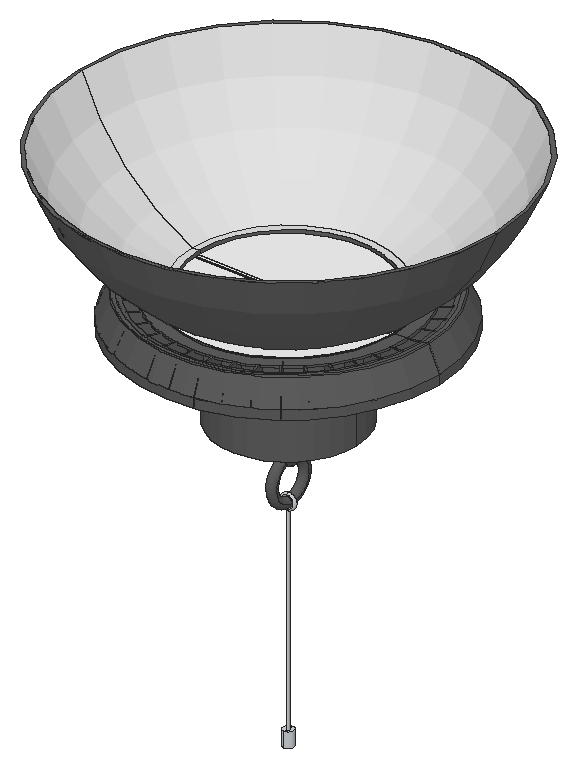
Revit family "0039351+0039357 Feilo Sylvania Lighting Fixture START HIGHBAY 6K 19KLM WIDE with ALU SHADE BLACK COLOR FOR 13_19KLM", category Lighting Fixtures, host Face, Revit 2017
Family settings
  Host = Face
  Round Connector Dimension = Use Diameter
  Part Type = Normal
  OmniClass Number = 23.80.70.00
  OmniClass Title = Lighting
  Cut with Voids When Loaded = No
  Light Source = Yes
  Shared = No
  Room Calculation Point = No
Parameters (values of type "0039351+0039357 START HIGHBAY 6K 19KLM WIDE ALU SHADE BLACK COLOR FOR 13/19KLM")
  WidthStraight_FEILO = if(SizeS_FEILO, 3 mm, if(SizeM_FEILO, 4 mm, 4.7 mm))  # 4 mm
  WidthRingChamfer_FEILO = if(SizeS_FEILO, 10.3 mm, if(SizeM_FEILO, 11.2 mm, 12.9 mm))  # 11.2 mm
  WidthCurved_FEILO = if(SizeS_FEILO, 17.4 mm, if(SizeM_FEILO, 16.4 mm, 26.2 mm))  # 16.4 mm
  WidthCurvedRing_FEILO = if(SizeS_FEILO, 3 mm, if(SizeM_FEILO, 4 mm, 4.7 mm))  # 4 mm
  WidthBracket_FEILO = 40 mm
  Weight = "3.4 kg"
  Wattage Comments = ""
  Wattage = 150 W
  WarrantyStartDate [instance] = "n/a"
  WarrantyGuarantorParts = "n/a"
  WarrantyDurationUnit = "n/a"
  WarrantyDurationParts = "n/a"
  WarrantyDescription = "n/a"
  built-in parameter 1150110 = 1 (stored number, unit not read)
  Voltage = 230 V
  VisibilityBracket_FEILO = no
  URL = "http://www.sylvania-lighting.com"
  TypeName = "START HIGHBAY 6K 19KLM WIDE ALU SHADE BLACK COLOR FOR 13/19KLM"
  Type Image = <None>
  Type Comments = "n/a"
  built-in parameter 1114217 = 1 (stored number, unit not read)
  Tilt Angle = -90.00°
  ThicknessWall_FEILO = 1.5 mm
  ThicknessBracket_FEILO = 1.5 mm
  ThicknessBracketHalf_FEILO = ThicknessBracket_FEILO / 2  # 0.75 mm
  built-in parameter 1150109 = 1 (stored number, unit not read)
  built-in parameter 1150134 = 1
  SuspensionHeight_FEILO [instance] = 400 mm
  built-in parameter 1150113 = 1 (stored number, unit not read)
  SizeS_FEILO = no
  SizeM_FEILO = yes
  ShadeThickness_FEILO = 3 mm
  ShadeSizeSM_FEILO = or(SizeS_FEILO, SizeM_FEILO)  # yes
  ShadeRadiusOut_FEILO = 205 mm
  ShadeRadiusIn_FEILO = if(ShadeSizeSM_FEILO, 95 mm, 121 mm)  # 95 mm
  ShadeRadiusBend_FEILO = if(ShadeSizeSM_FEILO, 210 mm, 210 mm)  # 210 mm
  ShadeHeight_FEILO = if(ShadeSizeSM_FEILO, 120 mm, 151 mm)  # 120 mm
  SerialNumber [instance] = "n/a"
  Rib4_FEILO = if(SizeS_FEILO, 18.1 mm, if(SizeM_FEILO, 13.6 mm, 14.6 mm))  # 13.6 mm
  Rib3_FEILO = if(SizeS_FEILO, 15.3 mm, if(SizeM_FEILO, 17.6 mm, 20.2 mm))  # 17.6 mm
  Rib2_FEILO = if(SizeS_FEILO, 3.6 mm, if(SizeM_FEILO, 3.9 mm, 4.5 mm))  # 3.9 mm
  Rib1_FEILO = if(SizeS_FEILO, 15.1 mm, if(SizeM_FEILO, 16.5 mm, 19 mm))  # 16.5 mm
  RadiusDiffuser_FEILO = if(SizeS_FEILO, 95.2 mm, if(SizeM_FEILO, 105.3 mm, 120 mm))  # 105.3 mm
  RadiusArrayPost_FEILO = DriverRadius_FEILO - 6 mm  # 61.2 mm
  RHRadius3_FEILO = if(SizeS_FEILO, 6.6 mm, if(SizeM_FEILO, 7.4 mm, 8.6 mm))  # 7.4 mm
  RHRadius2_FEILO = if(SizeS_FEILO, 11 mm, if(SizeM_FEILO, 12 mm, 14 mm))  # 12 mm
  RHRadius1_FEILO = if(SizeS_FEILO, 13.6 mm, if(SizeM_FEILO, 14.9 mm, 17.7 mm))  # 14.9 mm
  RHHeight4_FEILO = if(SizeS_FEILO, 7.3 mm, if(SizeM_FEILO, 8 mm, 9.2 mm))  # 8 mm
  RHHeight3_FEILO = if(SizeS_FEILO, 3.6 mm, if(SizeM_FEILO, 3.7 mm, 4.6 mm))  # 3.7 mm
  RHHeight2_FEILO = if(SizeS_FEILO, 2 mm, if(SizeM_FEILO, 2.2 mm, 2.6 mm))  # 2.2 mm
  RHHeight1_FEILO = if(SizeS_FEILO, 11.8 mm, if(SizeM_FEILO, 15.3 mm, 17.4 mm))  # 15.3 mm
  Photometric Web File = "0039351+0039357.ies"
  Material_5_FEILO = Shade-Sylvania-StartHighbay-Alu
  Material_3_FEILO = LED-Sylvania-StartHighbay-Glow
  PowerFactor = 0.95
  PowerConsumption = "150 W"
  NominalLength = 296 mm
  NominalHeight = 177 mm
  NominalDepth = 296 mm
  Name = "START HIGHBAY 6K 19KLM WIDE ALU SHADE BLACK COLOR FOR 13/19KLM"
  ModelReference = Name  # "START HIGHBAY 6K 19KLM WIDE ALU SHADE BLACK COLOR FOR 13/19KLM"
  ModelNumber = "0039351+0039357"
  Model = Name  # "START HIGHBAY 6K 19KLM WIDE ALU SHADE BLACK COLOR FOR 13/19KLM"
  Material = "aluminium alloy housing, polycarbonate diffuser"
  ManufacturerName = "Feilo Sylvania"
  Manufacturer = "Feilo Sylvania"
  LuminousEfficacy = "130 lm/W"
  built-in parameter 1150105 = 11152.5 (stored number, unit not read)
  Lumens = 19500 lm
  LuminaireType = ""
  built-in parameter 1150115 = 1 (stored number, unit not read)
  LightOutputRatio = "n/a"
  built-in parameter 1150137 = (empty or 0)
  built-in parameter 1150139 = (empty or 0)
  LampsType = Lamp  # "LED"
  LampNominalLuminous = "19500 lm"
  LampMacAdamStep = "n/a"
  LampColourTemperature = "6500 K"
  LampColourRenderingIndex = "80"
  built-in parameter 1150112 = 1 (stored number, unit not read)
  built-in parameter 1150114 = 1 (stored number, unit not read)
  Lamp = "LED"
  Keynote = "16500"
  InstallationDate [instance] = "n/a"
  InputVoltage = "220-240V~"
  InputNominalFrequency = "50/60 Hz"
  built-in parameter 1150132 = (empty or 0)
  built-in parameter 1150102 = (empty or 0)
  built-in parameter 1150107 = 6500 (stored number, unit not read)
  built-in parameter 1150138 = (empty or 0)
  IngressProtection = "IP65"
  ImpactProtectionIndex = "IK08"
  built-in parameter 1150106 = 111.52 (stored number, unit not read)
  IfcExportType = "IfcLightFixtureType"
  IfcExportAs = "IfcLightFixtureType"
  HeightRing_FEILO = if(SizeS_FEILO, 19.8 mm, if(SizeM_FEILO, 32 mm, 36.8 mm))  # 32 mm
  HeightRingChamfer_FEILO = if(SizeS_FEILO, 11.7 mm, if(SizeM_FEILO, 23.2 mm, 26.6 mm))  # 23.2 mm
  EyeThickness_FEILO = if(SizeS_FEILO, 8.4 mm, if(SizeM_FEILO, 9.2 mm, 10.5 mm))  # 9.2 mm
  EyeThicknessHalf_FEILO = EyeThickness_FEILO / 2  # 4.6 mm
  EyeInner_FEILO = if(SizeS_FEILO, 13.8 mm, if(SizeM_FEILO, 15.1 mm, 17.3 mm))  # 15.1 mm
  ExpectedLife = 50000
  Emit from Circle Diameter = RadiusDiffuser_FEILO * 2  # 210.6 mm
  Emit Shape Visible in Rendering = no
  ElectricShockClassification = "Class I"
  built-in parameter 1150104 = 12.077 (stored number, unit not read)
  DurationUnit = "hours"
  DriverVerticalStraight_FEILO = if(SizeS_FEILO, 46.5 mm, if(SizeM_FEILO, 49.7 mm, 57 mm))  # 49.7 mm
  DriverVerticalChamfer_FEILO = if(SizeS_FEILO, 7.5 mm, if(SizeM_FEILO, 8.2 mm, 9.5 mm))  # 8.2 mm
  DriverRadius_FEILO = if(SizeS_FEILO, 61.4 mm, if(SizeM_FEILO, 67.2 mm, 76.4 mm))  # 67.2 mm
  DriverRadiusTop_FEILO = if(SizeS_FEILO, 42 mm, if(SizeM_FEILO, 45.3 mm, 52.4 mm))  # 45.3 mm
  DriverBottom_FEILO = if(SizeS_FEILO, 56 mm, if(SizeM_FEILO, 64.5 mm, 74 mm))  # 64.5 mm
  DocumentationLiterature = "http://www.sylvania-lighting.com/product/en-int/products/0039351"
  DimmingControlOptions = "n/a"
  Material_2_FEILO = Diffuser-Sylvania-StartHighbay-Transparent
  Radius_FEILO = if(SizeS_FEILO, 135 mm, if(SizeM_FEILO, 148 mm, 169.5 mm))  # 148 mm
  Dimming Lamp Color Temperature Shift = <None>
  DiameterWire_FEILO = 3 mm
  DiameterWireSupport_FEILO = 10 mm
  Description = "START HIGHBAY, includes 1 m cables, black aluminium housing, 19500LM, 150W, 130lm/W, 6500K, Driver current: 2140mA, CR80, 60° beam angle, 1-10V dimmable,  IP65, IK08, 50,000 hrs (L70B50), (LxWxH) 296x296x177mm"
  Default Elevation = 1219.2 mm
  CreatedOn = "2/28/2018"
  CreatedBy = ""
  Cost = 0
  Color Filter = 16777215
  built-in parameter 1114216 [instance] = (empty or 0)
  ClassificationValue = "EF_70_80"
  ClassificationName = "Uniclass2015"
  Material_1_FEILO = Body-Sylvania-StartHighbay-Black
  BarCode [instance] = "n/a"
  built-in parameter 1114218 = 1 (stored number, unit not read)
  built-in parameter 1150133 = 10 (stored number, unit not read)
  AssetType = "Fixed"
  AssetIdentifier [instance] = "n/a"
  Assembly Code = "D5020200"
  Apparent Load = 150 VA
  Material_4_FEILO = Shade-Sylvania-StartHighbay-Black
Reference planes
  plane 1 "Center (Front/Back)": y = 0
  plane 2: z = 0
  plane 3 "Center (Left/Right)": x = 0
  plane 4: z = 400
  plane 5: x = -148
  plane 6: x = -136.8
  plane 7: z = 376.8
  plane 8: z = 368
  plane 9: x = -132.8
  plane 10: z = 397.375
  plane 11: x = -116.4
  plane 12: x = -105.3
  plane 13: x = -128.8
  plane 14: z = 398.375
  plane 15: z = 396.375
  plane 16: x = -102.3
  plane 17: z = 395.375
  plane 18: x = -146.5
  plane 19: x = -131.5
  plane 20: z = 364.1
  plane 21: x = -113.9
  plane 22: z = 350.5
  plane 23: x = -20
  plane 24: z = 335.5
  plane 25: x = -67.2
  plane 26: z = 285.8
  plane 27: x = -45.3
  plane 28: z = 277.6
  plane 29: x = -14.9
  plane 30: z = 262.3
  plane 31: z = 260.1
  plane 32: x = -12
  plane 33: z = 256.4
  plane 34: z = 248.4
  plane 35: x = -7.4
  plane 36: z = 233.3
  plane 37: z = 218.2
  plane 38: x = 4.6
  plane 39: x = -4.6
  plane 40: z = 209
  plane 41: z = 213.6
  plane 42: x = -141.65
  plane 43: x = -145.5
  plane 44: z = 366.5
  plane 45: x = -135.3
  plane 46: z = 310.65
  plane 47: y = -20
  plane 48: y = 20
  plane 49: x = 148
  plane 50: x = 136.8
  plane 51: x = 146.5
  plane 52: x = 141.65
  plane 53: x = 145.5
  plane 54: x = 135.3
  plane 55: z = 221.2
  plane 56: y = 1.5
  plane 57: y = -1.5
  plane 58: z = 219.7
  plane 59: z = 207.5
  plane 60: z = 206
  plane 61: y = -5
  plane 62: y = 5
  plane 63: z = 14
  plane 64: x = -205
  plane 65: z = 520
  plane 66: x = -95
  plane 67: x = -87
  plane 68: x = -202
  plane 69: z = 403
Forms (mm)
  Revolve 1, solid, material "Body-Sylvania-StartHighbay-Black" <- "Material_1_FEILO", detail levels medium+fine
    sketch origin (0, 0, 0) x (1, 0, 0) y (0, 0, 1)
      loop
        line (-148, 368) -> (-146.5, 368) -> (-146.5, 376.457) -> (-136.402, 397.375) -> (-128.8, 397.375) -> (-128.8, 398.859)
        arc (-128.8, 398.859) -> (-130.811, 399.39) -> (-132.8, 400) r 52.543
        line (-132.8, 400) -> (-136.341, 400)
        arc (-136.341, 400) -> (-136.831, 399.825) -> (-137.099, 399.38) r 0.774
        line (-137.099, 399.38) -> (-148, 376.8) -> (-148, 368)
      axis (0, 400) -> (0, 368)
    angle from 360 to 0
  Revolve 2, solid, material "Body-Sylvania-StartHighbay-Black" <- "Material_1_FEILO", detail levels medium+fine
    sketch origin (0, 0, 0) x (1, 0, 0) y (0, 0, 1)
      loop
        line (-116.4, 395.375) -> (-105.3, 395.375) -> (-105.3, 376.8) -> (0, 376.8) -> (0, 395.375) -> (-102.3, 395.375) -> (-102.3, 396.375) -> (-105.3, 396.375) -> (-105.3, 397.375) -> (-116.4, 397.375) -> (-116.4, 395.375)
      axis (0, 397.375) -> (0, 376.8)
    angle from 360 to 0
  Revolve 3, solid, material "Diffuser-Sylvania-StartHighbay-Transparent" <- "Material_2_FEILO", detail levels medium+fine
    sketch origin (0, 0, 0) x (1, 0, 0) y (0, 0, 1)
      loop
        line (-105.3, 396.375) -> (0, 396.375) -> (0, 398.375) -> (-105.3, 398.375) -> (-105.3, 396.375)
      axis (0, 398.375) -> (0, 396.375)
    angle from 360 to 0
  Revolve 4, solid, material "Body-Sylvania-StartHighbay-Black" <- "Material_1_FEILO"
    sketch origin (0, 0, 0) x (1, 0, 0) y (0, 0, 1)
      loop
        line (-67.2, 350.5) -> (-67.2, 285.8) -> (-45.3, 277.6) -> (-14.9, 277.6) -> (-14.9, 262.3) -> (-12, 260.1) -> (-12, 256.4) -> (-7.837, 249.126)
        arc (-7.837, 249.126) -> (-7.29, 248.594) -> (-6.553, 248.4) r 1.5
        line (-6.553, 248.4) -> (0, 248.4) -> (0, 350.5) -> (-67.2, 350.5)
      axis (0, 350.5) -> (0, 248.4)
    angle from 360 to 0
  Revolve 5, solid, material "Body-Sylvania-StartHighbay-Black" <- "Material_1_FEILO"
    sketch origin (0, 0, 0) x (1, 0, 0) y (0, 0, 1)
      loop
        circle (0, 213.6) r 4.6
      axis (4.6, 233.3) -> (-4.6, 233.3)
    angle from 360 to 0
  Extrusion 6, solid, material "Body-Sylvania-StartHighbay-Black" <- "Material_1_FEILO", visible <- "VisibilityBracket_FEILO"
    sketch origin (0, 0, 0) x (1, 0, 0) y (0, 0, 1)
      loop
        line (-145.5, 368) -> (-145.5, 366.5) -> (-137.55, 366.5)
        arc (-137.55, 366.5) -> (-137.02, 366.28) -> (-136.8, 365.75) r 0.75
        line (-136.8, 365.75) -> (-136.8, 310.65) -> (-135.3, 310.65) -> (-135.3, 366.5)
        arc (-135.3, 366.5) -> (-135.739, 367.561) -> (-136.8, 368) r 1.5
        line (-136.8, 368) -> (-145.5, 368)
      loop
        line (145.5, 368) -> (136.8, 368)
        arc (136.8, 368) -> (135.739, 367.561) -> (135.3, 366.5) r 1.5
        line (135.3, 366.5) -> (135.3, 310.65) -> (136.8, 310.65) -> (136.8, 365.75)
        arc (136.8, 365.75) -> (137.02, 366.28) -> (137.55, 366.5) r 0.75
        line (137.55, 366.5) -> (145.5, 366.5) -> (145.5, 368)
    from -20 to 20
  Extrusion 7, void
    sketch origin (0, 0, 0) x (0, 1, 0) y (0, 0, 1)
      loop
        arc (-10, 310.65) -> (-17.071, 313.579) -> (-20, 320.65) r 10
        line (-20, 320.65) -> (-25, 320.65) -> (-25, 305.65) -> (-10, 305.65) -> (-10, 310.65)
      loop
        line (10, 310.65) -> (10, 305.65) -> (25, 305.65) -> (25, 320.65) -> (20, 320.65)
        arc (20, 320.65) -> (17.071, 313.579) -> (10, 310.65) r 10
    from -136.8 to 136.8
  Revolve 8, solid, material "Body-Sylvania-StartHighbay-Black" <- "Material_1_FEILO", detail levels coarse
    sketch origin (0, 0, 0) x (1, 0, 0) y (0, 0, 1)
      loop
        line (0, 400) -> (-136.8, 400) -> (-148, 376.8) -> (-148, 368) -> (-131.5, 368) -> (-131.5, 364.1) -> (-113.9, 350.5) -> (0, 350.5) -> (0, 400)
      axis (0, 400) -> (0, 350.5)
    angle from 360 to 0
  Revolve 9, solid
    sketch origin (0, 0, 0) x (0, 1, 0) y (0, 0, 1)
      loop
        circle (0, 219.7) r 1.5
      axis (1.5, 213.6) -> (-1.5, 213.6)
    angle from 360 to 0
  Revolve 10, solid
    sketch origin (0, 0, 0) x (0, 1, 0) y (0, 0, 1)
      loop
        line (0, 0) -> (0, 207.5) -> (-1.5, 207.5) -> (-1.5, 14) -> (-5, 14) -> (-5, 0) -> (0, 0)
      axis (0, 0) -> (0, 207.5)
    angle from 360 to 0
  Revolve 11, solid, material "Shade-Sylvania-StartHighbay-Black" <- "Material_4_FEILO"
    sketch origin (0, 0, 0) x (1, 0, 0) y (0, 0, 1)
      loop
        line (-95, 400) -> (-87, 400) -> (-87, 403) -> (-94.341, 403)
        arc (-94.341, 403) -> (-159.747, 450.78) -> (-201.81, 520) r 207
        line (-201.81, 520) -> (-205, 520)
        arc (-205, 520) -> (-162.101, 448.908) -> (-95, 400) r 210
      axis (0, 520) -> (0, 400)
    angle from 360 to 0
Cuts and joins
  Extrusion 7 cuts Extrusion 6
Lines and regions (mm)
  reference lines
    curve 1: line (-148, 0, 376.8) -> (-136.8, 0, 400)
    curve 2: line (-116.4, 0, 397.375) -> (0, 0, 397.375)
    curve 3: arc (-116.4, 0, 397.375) -> (-124.704, 0, 398.035) -> (-132.8, 0, 400) r 52.543
    curve 4: line (-136.8, 0, 400) -> (-132.8, 0, 400)
    curve 5: line (-136.402, 0, 397.375) -> (-146.5, 0, 376.457)
    curve 6: line (-131.5, 0, 364.1) -> (-113.9, 0, 350.5)
    curve 7: line (-12, 0, 256.4) -> (-7.4, 0, 248.4)
    curve 8: circle (0, 0, 213.6) r 4.6 normal (0, -1, 0)
    curve 9: arc (-95, 0, 400) -> (-162.101, 0, 448.908) -> (-205, 0, 520) r 210
Dimensions and locks
  "Radius_FEILO": plane 3 "Center (Left/Right)" to plane 5
  "WidthRingChamfer_FEILO": plane 6 to plane 5
  "WidthStraight_FEILO": plane 9 to plane 6
  "WidthCurvedRing_FEILO": plane 13 to plane 9
  locked: plane 10 to plane 15 at 1
  locked: plane 14 to plane 10 at 1
  locked: plane 4 to plane 10 at 2.625
  locked: plane 15 to plane 17 at 1
  "ThicknessWall_FEILO": plane 18 to plane 5
  "ThicknessWall_FEILO": curve 5 to curve 1
  "HeightRingChamfer_FEILO": plane 4 to plane 7
  "HeightRing_FEILO": plane 4 to plane 8
  "RadiusDiffuser_FEILO": plane 3 "Center (Left/Right)" to plane 12
  locked: plane 16 to plane 12 at 3
  "WidthCurved_FEILO": plane 11 to plane 9
  "SuspensionHeight_FEILO": plane 4 to plane 2
  "Rib1_FEILO": plane 19 to plane 5
  "Rib2_FEILO": plane 8 to plane 20
  "Rib3_FEILO": plane 21 to plane 19
  "Rib4_FEILO": plane 20 to plane 22
  locked: plane 3 "Center (Left/Right)" to plane 23 at 20
  "DriverBottom_FEILO": plane 4 to plane 24
  "DriverRadius_FEILO": plane 3 "Center (Left/Right)" to plane 25
  "DriverVerticalStraight_FEILO": plane 24 to plane 26
  "DriverRadiusTop_FEILO": plane 3 "Center (Left/Right)" to plane 27
  "DriverVerticalChamfer_FEILO": plane 26 to plane 28
  "RHRadius1_FEILO": plane 3 "Center (Left/Right)" to plane 29
  "RHHeight2_FEILO": plane 30 to plane 31
  "RHRadius2_FEILO": plane 3 "Center (Left/Right)" to plane 32
  "RHHeight3_FEILO": plane 31 to plane 33
  "RHHeight4_FEILO": plane 33 to plane 34
  "RHRadius3_FEILO": plane 3 "Center (Left/Right)" to plane 35
  "RHHeight1_FEILO": plane 28 to plane 30
  "EyeInner_FEILO": plane 34 to plane 36
  "EyeInner_FEILO": plane 36 to plane 37
  equal spacing: plane 38, plane 3 "Center (Left/Right)", plane 39
  "EyeThickness_FEILO": plane 38 to plane 39
  "EyeThickness_FEILO": plane 37 to plane 40
  equal spacing: plane 37, plane 41, plane 40
  equal spacing: plane 6, plane 42, plane 18
  "ThicknessBracket_FEILO": plane 45 to plane 6
  "ThicknessBracket_FEILO": plane 8 to plane 44
  locked: plane 43 to plane 18 at 1
  equal spacing: plane 24, plane 46, plane 26
  equal spacing: plane 47, plane 1 "Center (Front/Back)", plane 48
  "WidthBracket_FEILO": plane 47 to plane 48
  "WidthRingChamfer_FEILO": plane 50 to plane 49
  "ThicknessWall_FEILO": plane 51 to plane 49
  equal spacing: plane 50, plane 52, plane 51
  "ThicknessBracket_FEILO": plane 54 to plane 50
  locked: plane 53 to plane 51 at 1
  "Radius_FEILO": plane 49 to plane 3 "Center (Left/Right)"
  equal spacing: plane 57, imposter light, plane 56
  "DiameterWire_FEILO": plane 57 to plane 56
  "DiameterWire_FEILO": plane 37 to plane 55
  equal spacing: plane 37, plane 58, plane 55
  "DiameterWire_FEILO": plane 60 to plane 40
  equal spacing: plane 60, plane 59, plane 40
  equal spacing: plane 61, plane 1 "Center (Front/Back)", plane 62
  "DiameterWireSupport_FEILO": plane 61 to plane 62
  locked: plane 63 to plane 2 at 14
  "ShadeRadiusOut_FEILO": plane 3 "Center (Left/Right)" to plane 64
  "ShadeHeight_FEILO": plane 65 to plane 4
  "ShadeRadiusIn_FEILO": plane 3 "Center (Left/Right)" to plane 66
  locked: plane 67 to plane 66 at 8
  "ShadeThickness_FEILO": plane 69 to plane 4
  "ShadeThickness_FEILO": plane 68 to plane 64
  "EyeThicknessHalf_FEILO": radius of curve 8
  "ThicknessBracket_FEILO": radius of Extrusion 6 sketch curve  (x2)
  "ThicknessBracketHalf_FEILO": radius of Extrusion 6 sketch curve  (x2)
  "DiameterWire_FEILO": diameter of Revolve 9 sketch curve
  "ShadeRadiusBend_FEILO": radius of curve 9
  aligned and locked: plane 2 to host face
  aligned and locked: level to host face
  aligned and locked: plane 5 to curve 1
  aligned and locked: plane 6 to curve 1
  aligned and locked: plane 7 to curve 1
  aligned and locked: plane 10 to curve 2
  aligned and locked: plane 9 to curve 3
  aligned and locked: plane 4 to curve 3
  aligned and locked: plane 11 to curve 3
  aligned and locked: plane 4 to curve 4
  aligned and locked: plane 18 to curve 5
  aligned and locked: plane 10 to curve 5
  aligned and locked: Revolve 1 sketch curve to plane 3 "Center (Left/Right)"
  aligned and locked: Revolve 1 sketch curve to curve 3
  aligned and locked: Revolve 1 sketch curve to curve 1
  aligned and locked: plane 4 to Revolve 1 sketch curve
  aligned and locked: plane 9 to Revolve 1 sketch curve
  aligned and locked: Revolve 1 sketch curve to plane 13
  aligned and locked: Revolve 1 sketch curve to plane 10
  aligned and locked: plane 13 to Revolve 1 sketch curve
  aligned and locked: plane 10 to Revolve 1 sketch curve
  aligned and locked: Revolve 1 sketch curve to plane 18
  aligned and locked: Revolve 1 sketch curve to plane 8
  aligned and locked: plane 5 to Revolve 1 sketch curve  (x2)
  aligned and locked: Revolve 2 sketch curve to plane 3 "Center (Left/Right)"
  aligned and locked: plane 11 to Revolve 2 sketch curve
  aligned and locked: Revolve 2 sketch curve to curve 2
  aligned and locked: plane 15 to Revolve 2 sketch curve
  aligned and locked: Revolve 2 sketch curve to plane 16
  aligned and locked: plane 17 to Revolve 2 sketch curve  (x2)
  aligned and locked: Revolve 2 sketch curve to plane 12
  aligned and locked: plane 7 to Revolve 2 sketch curve
  aligned and locked: Revolve 3 sketch curve to plane 3 "Center (Left/Right)"
  aligned and locked: Revolve 3 sketch curve to plane 14
  aligned and locked: plane 3 "Center (Left/Right)" to Revolve 3 sketch curve
  aligned and locked: Revolve 3 sketch curve to plane 12
  aligned and locked: plane 15 to Revolve 3 sketch curve
  aligned and locked: Revolve 1 sketch curve to curve 5
  aligned and locked: plane 22 to curve 6
  aligned and locked: plane 21 to curve 6
  aligned and locked: plane 20 to curve 6
  aligned and locked: plane 19 to curve 6
  aligned and locked: plane 33 to curve 7
  aligned and locked: plane 32 to curve 7
  aligned and locked: plane 35 to curve 7
  aligned and locked: plane 34 to curve 7
  aligned and locked: Revolve 4 sketch curve to plane 3 "Center (Left/Right)"
  aligned and locked: Revolve 4 sketch curve to plane 25
  aligned and locked: plane 27 to Revolve 4 sketch curve
  aligned and locked: plane 28 to Revolve 4 sketch curve
  aligned and locked: plane 30 to Revolve 4 sketch curve
  aligned and locked: Revolve 4 sketch curve to plane 29
  aligned and locked: plane 31 to Revolve 4 sketch curve
  aligned and locked: Revolve 4 sketch curve to curve 7
  aligned and locked: Revolve 4 sketch curve to plane 32
  aligned and locked: plane 34 to Revolve 4 sketch curve
  aligned and locked: plane 3 "Center (Left/Right)" to Revolve 4 sketch curve
  aligned and locked: plane 3 "Center (Left/Right)" to curve 8
  aligned and locked: plane 41 to curve 8
  aligned and locked: Revolve 5 sketch curve to plane 36
  aligned and locked: Revolve 5 sketch curve to curve 8
  aligned and locked: plane 43 to Extrusion 6 sketch curve  (x2)
  aligned and locked: plane 8 to Extrusion 6 sketch curve  (x3)
  aligned and locked: Extrusion 6 sketch curve to plane 45
  aligned and locked: Extrusion 6 sketch curve to plane 46  (x2)
  aligned and locked: plane 6 to Extrusion 6 sketch curve
  aligned and locked: Extrusion 6 sketch curve to plane 44  (x2)
  aligned and locked: Extrusion 6 to plane 48
  aligned and locked: plane 47 to Extrusion 6
  aligned and locked: plane 53 to Extrusion 6 sketch curve
  aligned and locked: plane 50 to Extrusion 6 sketch curve
  aligned and locked: Extrusion 6 sketch curve to plane 54
  aligned and locked: Extrusion 7 sketch curve to Extrusion 7 sketch curve
  aligned and locked: Extrusion 7 to plane 6
  aligned and locked: Extrusion 7 to Extrusion 6
  aligned and locked: Revolve 4 sketch curve to plane 22
  aligned and locked: plane 23 to nested 1
  aligned and locked: plane 1 "Center (Front/Back)" to nested 1
  aligned and locked: Revolve 8 sketch curve to plane 3 "Center (Left/Right)"
  aligned and locked: Revolve 8 sketch curve to plane 4
  aligned and locked: plane 6 to Revolve 8 sketch curve
  aligned and locked: plane 4 to Revolve 8 sketch curve
  aligned and locked: plane 7 to Revolve 8 sketch curve
  aligned and locked: Revolve 8 sketch curve to plane 5
  aligned and locked: plane 8 to Revolve 8 sketch curve  (x2)
  aligned and locked: Revolve 8 sketch curve to plane 19
  aligned and locked: plane 20 to Revolve 8 sketch curve
  aligned and locked: plane 19 to Revolve 8 sketch curve
  aligned and locked: plane 21 to Revolve 8 sketch curve
  aligned and locked: plane 22 to Revolve 8 sketch curve  (x2)
  aligned and locked: Revolve 8 sketch curve to Revolve 8 sketch curve
  aligned and locked: imposter light to plane 4
  aligned and locked: plane 3 "Center (Left/Right)" to imposter light
  aligned and locked: imposter light to plane 1 "Center (Front/Back)"
  aligned and locked: Revolve 9 sketch curve to plane 41
  aligned and locked: Revolve 10 sketch curve to plane 1 "Center (Front/Back)"
  aligned and locked: plane 1 "Center (Front/Back)" to Revolve 10 sketch curve  (x2)
  aligned and locked: host face to Revolve 10 sketch curve
  aligned and locked: plane 63 to Revolve 10 sketch curve
  aligned and locked: Revolve 10 sketch curve to plane 61
  aligned and locked: Revolve 10 sketch curve to plane 57
  aligned and locked: plane 59 to Revolve 10 sketch curve
  aligned and locked: plane 64 to curve 9
  aligned and locked: plane 65 to curve 9
  aligned and locked: plane 66 to curve 9
  aligned and locked: plane 4 to curve 9
  aligned and locked: Revolve 11 sketch curve to curve 9
  aligned and locked: plane 67 to Revolve 11 sketch curve
  aligned and locked: plane 66 to Revolve 11 sketch curve
  aligned and locked: plane 65 to Revolve 11 sketch curve  (x2)
  aligned and locked: Revolve 11 sketch curve to plane 67
  aligned and locked: plane 69 to Revolve 11 sketch curve
Automatic sketch dimensions
  host sketch curve to host sketch curve = 2438.4 mm  (x2)
  Revolve 1 sketch curve to plane 6 = 0.299 mm
  plane 6 to Revolve 1 sketch curve = 0.459 mm
  Revolve 1 sketch curve to level = 609.6 mm
  Revolve 1 sketch curve to Revolve 1 sketch curve = 2312.223 mm
  Revolve 2 sketch curve to plane 12 = 0 mm
  Revolve 2 sketch curve to plane 3 "Center (Left/Right)" = 0 mm
  Revolve 2 sketch curve to level = 609.6 mm
  Revolve 2 sketch curve to plane 4 = 2339.058 mm
  Revolve 3 sketch curve to level = 609.6 mm
  Revolve 3 sketch curve to plane 4 = 2339.058 mm
  Revolve 5 sketch curve to plane 5 = 1080 mm
  plane 38 to Revolve 5 sketch curve = 1219.2 mm
  Extrusion 7 sketch curve to plane 47 = 0 mm
  plane 46 to Extrusion 7 sketch curve = 0 mm  (x2)
  Extrusion 7 sketch curve to plane 48 = 0 mm
  plane 47 to Extrusion 7 sketch curve = 5 mm
  plane 1 "Center (Front/Back)" to Extrusion 7 sketch curve = 10 mm
  Extrusion 7 sketch curve to Extrusion 7 sketch curve = 10 mm
  plane 46 to Extrusion 7 sketch curve = 5 mm
  Extrusion 7 sketch curve to Extrusion 7 sketch curve = 5 mm
  Extrusion 7 sketch curve to plane 48 = 5 mm
  Revolve 4 sketch curve to plane 26 = 0 mm
  Revolve 4 sketch curve to plane 35 = 0.437 mm
  plane 35 to Revolve 4 sketch curve = 0.847 mm
  Revolve 4 sketch curve to plane 34 = 0.726 mm
  plane 40 to Revolve 4 sketch curve = 590.2 mm
  Revolve 4 sketch curve to plane 4 = 2339.058 mm
  Revolve 8 sketch curve to level = 609.6 mm
  Revolve 8 sketch curve to Revolve 8 sketch curve = 2386.058 mm
  Revolve 9 sketch curve to plane 1 "Center (Front/Back)" = 0 mm
  plane 58 to Revolve 9 sketch curve = 0 mm
  plane 47 to Revolve 9 sketch curve = 2534.941 mm
  Revolve 9 sketch curve to plane 48 = 2077.409 mm
  Revolve 10 sketch curve to Revolve 10 sketch curve = 609.6 mm
  Revolve 10 sketch curve to plane 4 = 2123.807 mm
  curve 2 to plane 3 "Center (Left/Right)" = 0 mm
  Revolve 11 sketch curve to Revolve 11 sketch curve = 0 mm  (x2)
  Revolve 11 sketch curve to plane 3 "Center (Left/Right)" = 0 mm
  plane 66 to Revolve 11 sketch curve = 0.659 mm
  Revolve 11 sketch curve to level = 609.6 mm
  Revolve 11 sketch curve to Revolve 11 sketch curve = 2068.248 mm
Nested families
  nested 1: "Start Highbay Rib" at (0, 0, 397.375), type "Type Name", detail levels medium+fine
    with SuspensionHeight_FEILO 2.6 mm
  nested 2: "Start Highbay Rib" at (0, 0, 397.375) x (0.9877, 0.1564, 0) z (0, 0, 1), type "Type Name", detail levels medium+fine
    with SuspensionHeight_FEILO 2.6 mm
  nested 3: "Start Highbay Rib" at (0, 0, 397.375) x (0.9511, 0.309, 0) z (0, 0, 1), type "Type Name", detail levels medium+fine
    with SuspensionHeight_FEILO 2.6 mm
  nested 4: "Start Highbay Rib" at (0, 0, 397.375) x (0.891, 0.454, 0) z (0, 0, 1), type "Type Name", detail levels medium+fine
    with SuspensionHeight_FEILO 2.6 mm
  nested 5: "Start Highbay Rib" at (0, 0, 397.375) x (0.809, 0.5878, 0) z (0, 0, 1), type "Type Name", detail levels medium+fine
    with SuspensionHeight_FEILO 2.6 mm
  nested 6: "Start Highbay Rib" at (0, 0, 397.375) x (0.7071, 0.7071, 0) z (0, 0, 1), type "Type Name", detail levels medium+fine
    with SuspensionHeight_FEILO 2.6 mm
  nested 7: "Start Highbay Rib" at (0, 0, 397.375) x (0.5878, 0.809, 0) z (0, 0, 1), type "Type Name", detail levels medium+fine
    with SuspensionHeight_FEILO 2.6 mm
  nested 8: "Start Highbay Rib" at (0, 0, 397.375) x (0.454, 0.891, 0) z (0, 0, 1), type "Type Name", detail levels medium+fine
    with SuspensionHeight_FEILO 2.6 mm
  nested 9: "Start Highbay Rib" at (0, 0, 397.375) x (0.309, 0.9511, 0) z (0, 0, 1), type "Type Name", detail levels medium+fine
    with SuspensionHeight_FEILO 2.6 mm
  nested 10: "Start Highbay Rib" at (0, 0, 397.375) x (0.1564, 0.9877, 0) z (0, 0, 1), type "Type Name", detail levels medium+fine
    with SuspensionHeight_FEILO 2.6 mm
  nested 11: "Start Highbay Rib" at (0, 0, 397.375) x (0, 1, 0) z (0, 0, 1), type "Type Name", detail levels medium+fine
    with SuspensionHeight_FEILO 2.6 mm
  nested 12: "Start Highbay Rib" at (0, 0, 397.375) x (-0.1564, 0.9877, 0) z (0, 0, 1), type "Type Name", detail levels medium+fine
    with SuspensionHeight_FEILO 2.6 mm
  nested 13: "Start Highbay Rib" at (0, 0, 397.375) x (-0.309, 0.9511, 0) z (0, 0, 1), type "Type Name", detail levels medium+fine
    with SuspensionHeight_FEILO 2.6 mm
  nested 14: "Start Highbay Rib" at (0, 0, 397.375) x (-0.454, 0.891, 0) z (0, 0, 1), type "Type Name", detail levels medium+fine
    with SuspensionHeight_FEILO 2.6 mm
  nested 15: "Start Highbay Rib" at (0, 0, 397.375) x (-0.5878, 0.809, 0) z (0, 0, 1), type "Type Name", detail levels medium+fine
    with SuspensionHeight_FEILO 2.6 mm
  nested 16: "Start Highbay Rib" at (0, 0, 397.375) x (-0.7071, 0.7071, 0) z (0, 0, 1), type "Type Name", detail levels medium+fine
    with SuspensionHeight_FEILO 2.6 mm
  nested 17: "Start Highbay Rib" at (0, 0, 397.375) x (-0.809, 0.5878, 0) z (0, 0, 1), type "Type Name", detail levels medium+fine
    with SuspensionHeight_FEILO 2.6 mm
  nested 18: "Start Highbay Rib" at (0, 0, 397.375) x (-0.891, 0.454, 0) z (0, 0, 1), type "Type Name", detail levels medium+fine
    with SuspensionHeight_FEILO 2.6 mm
  nested 19: "Start Highbay Rib" at (0, 0, 397.375) x (-0.9511, 0.309, 0) z (0, 0, 1), type "Type Name", detail levels medium+fine
    with SuspensionHeight_FEILO 2.6 mm
  nested 20: "Start Highbay Rib" at (0, 0, 397.375) x (-0.9877, 0.1564, 0) z (0, 0, 1), type "Type Name", detail levels medium+fine
    with SuspensionHeight_FEILO 2.6 mm
  nested 21: "Start Highbay Rib" at (0, 0, 397.375) x (-1, 0, 0) z (0, 0, 1), type "Type Name", detail levels medium+fine
    with SuspensionHeight_FEILO 2.6 mm
  nested 22: "Start Highbay Rib" at (0, 0, 397.375) x (-0.9877, -0.1564, 0) z (0, 0, 1), type "Type Name", detail levels medium+fine
    with SuspensionHeight_FEILO 2.6 mm
  nested 23: "Start Highbay Rib" at (0, 0, 397.375) x (-0.9511, -0.309, 0) z (0, 0, 1), type "Type Name", detail levels medium+fine
    with SuspensionHeight_FEILO 2.6 mm
  nested 24: "Start Highbay Rib" at (0, 0, 397.375) x (-0.891, -0.454, 0) z (0, 0, 1), type "Type Name", detail levels medium+fine
    with SuspensionHeight_FEILO 2.6 mm
  nested 25: "Start Highbay Rib" at (0, 0, 397.375) x (-0.809, -0.5878, 0) z (0, 0, 1), type "Type Name", detail levels medium+fine
    with SuspensionHeight_FEILO 2.6 mm
  nested 26: "Start Highbay Rib" at (0, 0, 397.375) x (-0.7071, -0.7071, 0) z (0, 0, 1), type "Type Name", detail levels medium+fine
    with SuspensionHeight_FEILO 2.6 mm
  nested 27: "Start Highbay Rib" at (0, 0, 397.375) x (-0.5878, -0.809, 0) z (0, 0, 1), type "Type Name", detail levels medium+fine
    with SuspensionHeight_FEILO 2.6 mm
  nested 28: "Start Highbay Rib" at (0, 0, 397.375) x (-0.454, -0.891, 0) z (0, 0, 1), type "Type Name", detail levels medium+fine
    with SuspensionHeight_FEILO 2.6 mm
  nested 29: "Start Highbay Rib" at (0, 0, 397.375) x (-0.309, -0.9511, 0) z (0, 0, 1), type "Type Name", detail levels medium+fine
    with SuspensionHeight_FEILO 2.6 mm
  nested 30: "Start Highbay Rib" at (0, 0, 397.375) x (-0.1564, -0.9877, 0) z (0, 0, 1), type "Type Name", detail levels medium+fine
    with SuspensionHeight_FEILO 2.6 mm
  nested 31: "Start Highbay Rib" at (0, 0, 397.375) x (0, -1, 0) z (0, 0, 1), type "Type Name", detail levels medium+fine
    with SuspensionHeight_FEILO 2.6 mm
  nested 32: "Start Highbay Rib" at (0, 0, 397.375) x (0.1564, -0.9877, 0) z (0, 0, 1), type "Type Name", detail levels medium+fine
    with SuspensionHeight_FEILO 2.6 mm
  nested 33: "Start Highbay Rib" at (0, 0, 397.375) x (0.309, -0.9511, 0) z (0, 0, 1), type "Type Name", detail levels medium+fine
    with SuspensionHeight_FEILO 2.6 mm
  nested 34: "Start Highbay Rib" at (0, 0, 397.375) x (0.454, -0.891, 0) z (0, 0, 1), type "Type Name", detail levels medium+fine
    with SuspensionHeight_FEILO 2.6 mm
  nested 35: "Start Highbay Rib" at (0, 0, 397.375) x (0.5878, -0.809, 0) z (0, 0, 1), type "Type Name", detail levels medium+fine
    with SuspensionHeight_FEILO 2.6 mm
  nested 36: "Start Highbay Rib" at (0, 0, 397.375) x (0.7071, -0.7071, 0) z (0, 0, 1), type "Type Name", detail levels medium+fine
    with SuspensionHeight_FEILO 2.6 mm
  nested 37: "Start Highbay Rib" at (0, 0, 397.375) x (0.809, -0.5878, 0) z (0, 0, 1), type "Type Name", detail levels medium+fine
    with SuspensionHeight_FEILO 2.6 mm
  nested 38: "Start Highbay Rib" at (0, 0, 397.375) x (0.891, -0.454, 0) z (0, 0, 1), type "Type Name", detail levels medium+fine
    with SuspensionHeight_FEILO 2.6 mm
  nested 39: "Start Highbay Rib" at (0, 0, 397.375) x (0.9511, -0.309, 0) z (0, 0, 1), type "Type Name", detail levels medium+fine
    with SuspensionHeight_FEILO 2.6 mm
  nested 40: "Start Highbay Rib" at (0, 0, 397.375) x (0.9877, -0.1564, 0) z (0, 0, 1), type "Type Name", detail levels medium+fine
    with SuspensionHeight_FEILO 2.6 mm
Connectors
  electrical at (0, 0, 0), driven by "Apparent Load", driven by "PowerFactor", driven by "Voltage"
    settings: index 1, voltage 230 V, apparent load 150 VA, apparent load phase1 0 VA, apparent load phase2 0 VA, apparent load phase3 0 VA, power factor 0.95, load classification "Lighting", number of poles 1, system type 30, power factor state 1, is connector primary yes, connector utility no, sub classification motor no, connector description ""
Definition of nested family "Start Highbay Rib"
  Parameters (values of type "Type Name")
    WidthStraight_FEILO = if(SizeS_FEILO, 3 mm, if(SizeM_FEILO, 4 mm, 4.7 mm))  # 3 mm
    WidthRingChamfer_FEILO = if(SizeS_FEILO, 10.3 mm, if(SizeM_FEILO, 11.2 mm, 12.9 mm))  # 10.3 mm
    WidthCurved_FEILO = if(SizeS_FEILO, 17.4 mm, if(SizeM_FEILO, 16.4 mm, 26.2 mm))  # 17.4 mm
    WidthCurvedRing_FEILO = if(SizeS_FEILO, 3 mm, if(SizeM_FEILO, 4 mm, 4.7 mm))  # 3 mm
    WidthBracket_FEILO = 40 mm
    URL = "http://www.feilosylvania.com"
    Type Image = (empty or 0)
    Type Comments = "n/a"
    ThicknessWall_FEILO = 1.5 mm
    ThicknessBracket_FEILO = 1.5 mm
    ThicknessBracketHalf_FEILO = ThicknessBracket_FEILO / 2  # 0.75 mm
    SuspensionHeight_FEILO [instance] = 2.6 mm
    SizeS_FEILO = yes
    SizeM_FEILO = no
    Rib4_FEILO = if(SizeS_FEILO, 18.1 mm, if(SizeM_FEILO, 13.6 mm, 14.6 mm))  # 18.1 mm
    Rib3_FEILO = if(SizeS_FEILO, 15.3 mm, if(SizeM_FEILO, 17.6 mm, 20.2 mm))  # 15.3 mm
    Rib2_FEILO = if(SizeS_FEILO, 3.6 mm, if(SizeM_FEILO, 3.9 mm, 4.5 mm))  # 3.6 mm
    Rib1_FEILO = if(SizeS_FEILO, 15.1 mm, if(SizeM_FEILO, 16.5 mm, 19 mm))  # 15.1 mm
    RadiusRib_FEILO = 2 mm
    RadiusDiffuser_FEILO = if(SizeS_FEILO, 95.2 mm, if(SizeM_FEILO, 105.3 mm, 120 mm))  # 95.2 mm
    RHRadius3_FEILO = if(SizeS_FEILO, 6.6 mm, if(SizeM_FEILO, 7.4 mm, 8.6 mm))  # 6.6 mm
    RHRadius2_FEILO = if(SizeS_FEILO, 11 mm, if(SizeM_FEILO, 12 mm, 14 mm))  # 11 mm
    RHRadius1_FEILO = if(SizeS_FEILO, 13.6 mm, if(SizeM_FEILO, 14.9 mm, 17.7 mm))  # 13.6 mm
    RHHeight4_FEILO = if(SizeS_FEILO, 7.3 mm, if(SizeM_FEILO, 8 mm, 9.2 mm))  # 7.3 mm
    RHHeight3_FEILO = if(SizeS_FEILO, 3.6 mm, if(SizeM_FEILO, 3.7 mm, 4.6 mm))  # 3.6 mm
    RHHeight2_FEILO = if(SizeS_FEILO, 2 mm, if(SizeM_FEILO, 2.2 mm, 2.6 mm))  # 2 mm
    RHHeight1_FEILO = if(SizeS_FEILO, 11.8 mm, if(SizeM_FEILO, 15.3 mm, 17.4 mm))  # 11.8 mm
    Material_3_FEILO = none
    Model = ""
    Manufacturer = "Feilo Sylvania"
    Keynote = "16500"
    HeightRing_FEILO = if(SizeS_FEILO, 19.8 mm, if(SizeM_FEILO, 32 mm, 36.8 mm))  # 19.8 mm
    HeightRingChamfer_FEILO = if(SizeS_FEILO, 11.7 mm, if(SizeM_FEILO, 23.2 mm, 26.6 mm))  # 11.7 mm
    EyeThickness_FEILO = if(SizeS_FEILO, 8.4 mm, if(SizeM_FEILO, 9.2 mm, 10.5 mm))  # 8.4 mm
    EyeThicknessHalf_FEILO = EyeThickness_FEILO / 2  # 4.2 mm
    EyeInner_FEILO = if(SizeS_FEILO, 13.8 mm, if(SizeM_FEILO, 15.1 mm, 17.3 mm))  # 13.8 mm
    DriverVerticalStraight_FEILO = if(SizeS_FEILO, 46.5 mm, if(SizeM_FEILO, 49.7 mm, 57 mm))  # 46.5 mm
    DriverVerticalChamfer_FEILO = if(SizeS_FEILO, 7.5 mm, if(SizeM_FEILO, 8.2 mm, 9.5 mm))  # 7.5 mm
    DriverRadius_FEILO = if(SizeS_FEILO, 61.4 mm, if(SizeM_FEILO, 67.2 mm, 76.4 mm))  # 61.4 mm
    DriverRadiusTop_FEILO = if(SizeS_FEILO, 42 mm, if(SizeM_FEILO, 45.3 mm, 52.4 mm))  # 42 mm
    DriverBottom_FEILO = if(SizeS_FEILO, 56 mm, if(SizeM_FEILO, 64.5 mm, 74 mm))  # 56 mm
    Material_2_FEILO = none
    Radius_FEILO = if(SizeS_FEILO, 135 mm, if(SizeM_FEILO, 148 mm, 169.5 mm))  # 135 mm
    Description = ""
    Default Elevation = 1219.2 mm
    Cost = 0
    Material_1_FEILO = none
    Assembly Code = "D5020200"
    Material_4_FEILO = none
  Reference planes
    plane 1 "Center (Front/Back)": y = 0
    plane 2: z = 0
    plane 3 "Center (Left/Right)": x = 0
    plane 4: z = 2.6
    plane 5: x = -135
    plane 6: x = -124.7
    plane 7: z = -9.1
    plane 8: z = -17.2
    plane 9: x = -121.7
    plane 10: z = -0.025
    plane 11: x = -104.3
    plane 12: x = -95.2
    plane 13: x = -118.7
    plane 14: z = 0.975
    plane 15: z = -1.025
    plane 16: x = -92.2
    plane 17: z = -2.025
    plane 18: x = -133.5
    plane 19: x = -119.9
    plane 20: z = -20.8
    plane 21: x = -104.6
    plane 22: z = -38.9
    plane 23: x = -20
    plane 24: z = -53.4
    plane 25: x = -61.4
    plane 26: z = -99.9
    plane 27: x = -42
    plane 28: z = -107.4
    plane 29: x = -13.6
    plane 30: z = -119.2
    plane 31: z = -121.2
    plane 32: x = -11
    plane 33: z = -124.8
    plane 34: z = -132.1
    plane 35: x = -6.6
    plane 36: z = -145.9
    plane 37: z = -159.7
    plane 38: x = 4.2
    plane 39: x = -4.2
    plane 40: z = -168.1
    plane 41: z = -163.9
    plane 42: x = -129.1
    plane 43: x = -132.5
    plane 44: z = -18.7
    plane 45: x = -123.2
    plane 46: z = -76.65
    plane 47: y = -20
    plane 48: y = 20
    plane 49: x = 135
    plane 50: x = 124.7
    plane 51: x = 133.5
    plane 52: x = 129.1
    plane 53: x = 132.5
    plane 54: x = 123.2
    plane 55: y = 0.75
    plane 56: y = -0.75
  Forms (mm)
    Extrusion 1, solid
      sketch origin (4.2, 0, 0) x (1, 0, 0) y (0, 1, 0)
        loop
          line (-1219.2, 1219.2) -> (-1219.2, -1219.2) -> (1219.2, -1219.2) -> (1219.2, 1219.2) -> (-1219.2, 1219.2)
      from 0 to -68.017
    Extrusion 2, solid, material <- "Material_1_FEILO"
      sketch origin (0, 0, 0) x (1, 0, 0) y (0, 0, 1)
        loop
          arc (-104.3, -0.025) -> (-111.555, 0.423) -> (-118.7, 1.76) r 58.981
          line (-118.7, 1.76) -> (-118.7, -0.025) -> (-125.012, -0.025) -> (-133.5, -9.666) -> (-133.5, -17.2) -> (-119.9, -17.2) -> (-119.9, -20.068)
          arc (-119.9, -20.068) -> (-119.778, -20.755) -> (-119.427, -21.359) r 2
          line (-119.427, -21.359) -> (-104.966, -38.467)
          arc (-104.966, -38.467) -> (-104.381, -38.789) -> (-103.723, -38.9) r 2
          line (-103.723, -38.9) -> (-20, -38.9) -> (-20, -9.1) -> (-95.2, -9.1) -> (-95.2, -2.025) -> (-104.3, -2.025) -> (-104.3, -0.025)
      from -0.75 to 0.75
  Lines and regions (mm)
    reference lines
      curve 1: line (-135, 0, -9.1) -> (-124.7, 0, 2.6)
      curve 2: line (-104.3, 0, -0.025) -> (0, 0, -0.025)
      curve 3: arc (-104.3, 0, -0.025) -> (-113.098, 0, 0.635) -> (-121.7, 0, 2.6) r 58.981
      curve 4: line (-124.7, 0, 2.6) -> (-121.7, 0, 2.6)
      curve 5: line (-125.012, 0, -0.025) -> (-133.5, 0, -9.666)
      curve 6: line (-119.9, 0, -20.8) -> (-104.6, 0, -38.9)
  Dimensions and locks
    "Radius_FEILO": plane 3 "Center (Left/Right)" to plane 5
    "WidthRingChamfer_FEILO": plane 6 to plane 5
    "WidthStraight_FEILO": plane 9 to plane 6
    "WidthCurvedRing_FEILO": plane 13 to plane 9
    locked: plane 10 to plane 15 at 1
    locked: plane 14 to plane 10 at 1
    locked: plane 4 to plane 10 at 2.625
    locked: plane 15 to plane 17 at 1
    "ThicknessWall_FEILO": plane 18 to plane 5
    "ThicknessWall_FEILO": curve 5 to curve 1
    "HeightRingChamfer_FEILO": plane 4 to plane 7
    "HeightRing_FEILO": plane 4 to plane 8
    "RadiusDiffuser_FEILO": plane 3 "Center (Left/Right)" to plane 12
    locked: plane 16 to plane 12 at 3
    "WidthCurved_FEILO": plane 11 to plane 9
    "SuspensionHeight_FEILO": plane 4 to plane 2
    "Rib1_FEILO": plane 19 to plane 5
    "Rib2_FEILO": plane 8 to plane 20
    "Rib3_FEILO": plane 21 to plane 19
    "Rib4_FEILO": plane 20 to plane 22
    locked: plane 3 "Center (Left/Right)" to plane 23 at 20
    "DriverBottom_FEILO": plane 4 to plane 24
    "DriverRadius_FEILO": plane 3 "Center (Left/Right)" to plane 25
    "DriverVerticalStraight_FEILO": plane 24 to plane 26
    "DriverRadiusTop_FEILO": plane 3 "Center (Left/Right)" to plane 27
    "DriverVerticalChamfer_FEILO": plane 26 to plane 28
    "RHRadius1_FEILO": plane 3 "Center (Left/Right)" to plane 29
    "RHHeight2_FEILO": plane 30 to plane 31
    "RHRadius2_FEILO": plane 3 "Center (Left/Right)" to plane 32
    "RHHeight3_FEILO": plane 31 to plane 33
    "RHHeight4_FEILO": plane 33 to plane 34
    "RHRadius3_FEILO": plane 3 "Center (Left/Right)" to plane 35
    "RHHeight1_FEILO": plane 28 to plane 30
    "EyeInner_FEILO": plane 34 to plane 36
    "EyeInner_FEILO": plane 36 to plane 37
    equal spacing: plane 38, plane 3 "Center (Left/Right)", plane 39
    "EyeThickness_FEILO": plane 38 to plane 39
    "EyeThickness_FEILO": plane 37 to plane 40
    equal spacing: plane 37, plane 41, plane 40
    equal spacing: plane 6, plane 42, plane 18
    "ThicknessBracket_FEILO": plane 45 to plane 6
    "ThicknessBracket_FEILO": plane 8 to plane 44
    locked: plane 43 to plane 18 at 1
    equal spacing: plane 24, plane 46, plane 26
    equal spacing: plane 47, plane 1 "Center (Front/Back)", plane 48
    "WidthBracket_FEILO": plane 47 to plane 48
    "WidthRingChamfer_FEILO": plane 50 to plane 49
    "ThicknessWall_FEILO": plane 51 to plane 49
    equal spacing: plane 50, plane 52, plane 51
    "ThicknessBracket_FEILO": plane 54 to plane 50
    locked: plane 53 to plane 51 at 1
    "Radius_FEILO": plane 49 to plane 3 "Center (Left/Right)"
    equal spacing: plane 56, plane 1 "Center (Front/Back)", plane 55
    "ThicknessWall_FEILO": plane 56 to plane 55
    "RadiusRib_FEILO": radius of Extrusion 2 sketch curve  (x2)
    aligned and locked: plane 2 to Extrusion 1
    aligned and locked: level to Extrusion 1
    aligned and locked: plane 5 to curve 1
    aligned and locked: plane 6 to curve 1
    aligned and locked: plane 7 to curve 1
    aligned and locked: plane 10 to curve 2
    aligned and locked: plane 9 to curve 3
    aligned and locked: plane 4 to curve 3
    aligned and locked: plane 11 to curve 3
    aligned and locked: plane 4 to curve 4
    aligned and locked: plane 18 to curve 5
    aligned and locked: plane 10 to curve 5
    aligned and locked: plane 22 to curve 6
    aligned and locked: plane 21 to curve 6
    aligned and locked: plane 20 to curve 6
    aligned and locked: plane 19 to curve 6
    aligned and locked: Extrusion 2 sketch curve to plane 23
    aligned and locked: Extrusion 2 sketch curve to plane 22
    aligned and locked: Extrusion 2 sketch curve to curve 6
    aligned and locked: plane 19 to Extrusion 2 sketch curve
    aligned and locked: Extrusion 2 sketch curve to plane 8
    aligned and locked: Extrusion 2 sketch curve to curve 5
    aligned and locked: Extrusion 2 sketch curve to curve 3
    aligned and locked: Extrusion 2 to plane 55
    aligned and locked: plane 56 to Extrusion 2
    aligned and locked: curve 6 to Extrusion 2 sketch curve
  Automatic sketch dimensions
    Extrusion 1 sketch curve to Extrusion 1 sketch curve = 2438.4 mm  (x2)
    curve 2 to plane 3 "Center (Left/Right)" = 0 mm
    Extrusion 2 sketch curve to plane 18 = 0 mm
    Extrusion 2 sketch curve to plane 10 = 0 mm
    Extrusion 2 sketch curve to plane 13 = 0 mm
    Extrusion 2 sketch curve to plane 7 = 0 mm
    Extrusion 2 sketch curve to plane 12 = 0 mm
    Extrusion 2 sketch curve to plane 17 = 0 mm
    plane 19 to Extrusion 2 sketch curve = 0.473 mm
    Extrusion 2 sketch curve to plane 21 = 0.366 mm
